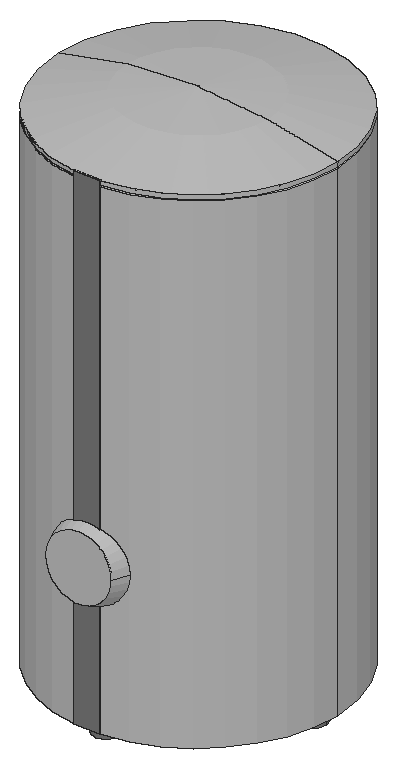
Revit family "VIESSMANN - Vitocell 100-V (CVW.CVWA) 390-500 L", category Wyposażenie mechaniczne, Revit 2017
Family settings
  Wymiar okrągłego złącza = Użyj średnicy
  Typ części = Normalny
  Numer OmniClass = 23.65.35.11.11
  Tytuł OmniClass = Storage Water Heaters
  Oparty na płaszczyźnie roboczej = Nie
  Zawsze pionowo = Tak
  Tnij formami wycięć po wczytaniu = Tak
  Współdzielony = Nie
  Punkt obliczania pomieszczeń = Nie
Parameters (values of type "Zbiornik CVWA 390L")
  Średnica - z izolacją cieplną = 859 mm
  Średnica - bez izolacji cieplnej = 650 mm
  Podział = Średnica z izolacją cieplną  # 859 mm
  Wysokość króćca zimnej wody użytkowej = 88 mm
  Wysokość króćca powrotu wody grzewczej = 330 mm
  Wysokość króćca cwu z zestawu solarnych wymienników ciepła = 572 mm
  Wysokość króćca zasilania wodą grzewczą = 950 mm
  Wysokość króćca cyrkulacji = 1070 mm
  Wysokość króćca cwu = 1439 mm
  Wysokość i izolacją cieplną = 1624 mm
  Szerokość z izolacją cieplną = 923 mm
  Średnica z izolacją cieplną = 859 mm
  Zimna woda użytkowa = 1"  # constant formula
  Zestaw solarnych wymienników ciepła = 3/4"  # constant formula
  Zasilanie wody grzewczej = 1 1/4"  # constant formula
  Wysokość - z izolacją cieplną = 1624 mm
  Wysokość - bez izolacji cieplnej = 1522 mm
  Wymiar przechylenia - bez izolacji cieplnej = 1550 mm
  Wydajność stała (przy podgrzewie cwu z 10 na 60℃ i temperaturze na zasilaniu wodą grzewczą 90℃ = 85000 W
  Wydajność stała (przy podgrzewie cwu z 10 na 60℃ i temperaturze na zasilaniu wodą grzewczą 80℃ = 67000 W
  Wydajność stała (przy podgrzewie cwu z 10 na 60℃ i temperaturze na zasilaniu wodą grzewczą 70℃ = 48000 W
  Wydajność stała (przy podgrzewie cwu z 10 na 45℃ i temperaturze na zasilaniu wodą grzewczą 90℃ = 98000 W
  Wydajność stała (przy podgrzewie cwu z 10 na 45℃ i temperaturze na zasilaniu wodą grzewczą 80℃ = 82000 W
  Wydajność stała (przy podgrzewie cwu z 10 na 45℃ i temperaturze na zasilaniu wodą grzewczą 70℃ = 66000 W
  Wydajność stała (przy podgrzewie cwu z 10 na 45℃ i temperaturze na zasilaniu wodą grzewczą 60℃ = 49000 W
  Wydajność stała (przy podgrzewie cwu z 10 na 45℃ i temperaturze na zasilaniu wodą grzewczą 50℃ = 29000 W
  Wydajność krótkotrwała przy temperaturze na zasilaniu wodą grzewczą 90℃ = "540 L/10min"
  Wydajność krótkotrwała przy temperaturze na zasilaniu wodą grzewczą 80℃ = "521 L/10min"
  Wydajność krótkotrwała przy temperaturze na zasilaniu wodą grzewczą 70℃ = "455 L/10min"
  Współczynnik mocy NL przy temperaturze na zasilaniu wodą grzewczą 90℃ = 12.6
  Współczynnik mocy NL przy temperaturze na zasilaniu wodą grzewczą 80℃ = 11.3
  Współczynnik mocy NL przy temperaturze na zasilaniu wodą grzewczą 70℃ = 10
  Wsp. mocy NL w połączeniu z pompą ciepła - temp. na ładowaniu podgrzewacza cwu 50℃ = 2.8
  Wsp. mocy NL w połączeniu z pompą ciepła - temp. na ładowaniu podgrzewacza cwu 45℃ = 2.5
  Viessmann Kolor 3 = Viessmann Kolor 3
  Viessmann Kolor 2 = Viessmann Kolor 2
  Viessmann Kolor 1 = Viessmann Kolor 1
  URL = "https://www.viessmann-projektant.pl/baza-urzadzen/zbiorniki-buforowe-i-cwu/podgrzewaczededykowanedopompciepla"
  Szerokość - z izolacją cieplną = 923 mm
  Szerokość - bez izolacji cieplnej = 881 mm
  Przepływ po stronie wody użytkowej = 2.422 m³/h
  Przepływ po stronie wody grzewczej = 3.00 m³/h  # constant formula
  Przepływ objętościowy wody grzewczej (przy podgrzewie cwu z 10 na 60℃) przy temperaturze na zasilaniu wodą grzewczą 90℃ = 1.458 m³/h
  Przepływ objętościowy wody grzewczej (przy podgrzewie cwu z 10 na 60℃) przy temperaturze na zasilaniu wodą grzewczą 80℃ = 1.159 m³/h
  Przepływ objętościowy wody grzewczej (przy podgrzewie cwu z 10 na 60℃) przy temperaturze na zasilaniu wodą grzewczą 70℃ = 0.83 m³/h
  Przepływ objętościowy wody grzewczej (przy podgrzewie cwu z 10 na 45℃) przy temperaturze na zasilaniu wodą grzewczą 90℃ = 2.422 m³/h
  Przepływ objętościowy wody grzewczej (przy podgrzewie cwu z 10 na 45℃) przy temperaturze na zasilaniu wodą grzewczą 80℃ = 2.027 m³/h
  Przepływ objętościowy wody grzewczej (przy podgrzewie cwu z 10 na 45℃) przy temperaturze na zasilaniu wodą grzewczą 70℃ = 1.623 m³/h
  Przepływ objętościowy wody grzewczej (przy podgrzewie cwu z 10 na 45℃) przy temperaturze na zasilaniu wodą grzewczą 60℃ = 1.202 m³/h
  Przepływ objętościowy wody grzewczej (przy podgrzewie cwu z 10 na 45℃) przy temperaturze na zasilaniu wodą grzewczą 50℃ = 0.723 m³/h
  Przepływ objętościowy wody grzewczej (dla podanych wydajności stałych) = 3.00 m³/h  # constant formula
  Producent = "Viessmann Sp.z.o.o."  # constant formula
  Powrót wody grzewczej = 1 1/4"  # constant formula
  Powierzchnia grzewcza = 4.0 m²
  Pojemność podgrzewacza = 390.0 L
  Pobierana ilość cwu bez dogrzewu - zawartość podgrzewacza podgrzana o 55°C = 285.0 L
  Pobierana ilość cwu bez dogrzewu - zawartość podgrzewacza podgrzana o 45°C = 285.0 L
  Opory przepływu po stronie wody użytkowej = 300.0 Pa
  Opory przepływu po stronie wody grzewczej = 3500.0 Pa
  Opis indeksowy = "9W173-13MC/E"  # constant formula
  Opis = "Podgrzewacz pojemnościowy"  # constant formula
  Objętość wody grzewczej = 27.0 L
  Objętość brutto = 417.0 L
  Numer identyfikacyjny produktu = "9W173-13MC/E"  # constant formula
  Model = "Podgrzewacz pojemnościowy Viessmann Vitocell 100-V CVWA 390L / Hot water storage tank Viessmann Vitocell 100-V CVWA 390L"
  Masa całkowita z izolacją cieplną = 190.00 kg
  Maks. powierzchnia czynna absorbera możliwa do podłączenia do zestawu solarnych wymienników ciepła - Vitosol-T = 6.0 m²
  Maks. powierzchnia czynna absorbera możliwa do podłączenia do zestawu solarnych wymienników ciepła - Vitosol-F = 11.5 m²
  Maks. możliwa do przyłączenia moc pompy ciepła przy temp. wody na zasilaniu wodą grzewczą wynoszącej 65°C, temp. cwu 55°C oraz podanym przepływie objętościowym wody grzewczej = 15000 W
  Maks. ilość pobierana przy temperaturze na zasilaniu wodą grzewczą 90℃ = "54 L/min"
  Maks. ilość pobierana przy temperaturze na zasilaniu wodą grzewczą 80℃ = "52 L/min"
  Maks. ilość pobierana przy temperaturze na zasilaniu wodą grzewczą 70℃ = "46 L/min"
  Klasa efektywności energetycznej = "B"  # constant formula
  Ilość ciepła dyżurnego = "1.80 kWh/24h"
  Grzałka elektryczna = 1 1/2"  # constant formula
  Czas podgrzewu cwu przy podłączonej pompie ciepła o znamionowej mocy cieplnej 16kW i temp. wody na zasilaniu wodą grzewczą wynoszącej 55 lub 65°C - przy podgrzewie cwu z 10 do 55°C = "76 min"
  Czas podgrzewu cwu przy podłączonej pompie ciepła o znamionowej mocy cieplnej 16kW i temp. wody na zasilaniu wodą grzewczą wynoszącej 55 lub 65°C - przy podgrzewie cwu z 10 do 45°C = "60 min"
  Cyrkulacja = 3/4"  # constant formula
  Ciepła woda użytkowa = 1"  # constant formula
  Autor = "https://www.archispace.pl/"
Types (3, lengths in mm): name | Wysokość króćca zasilania wodą grzewczą | Wysokość króćca cyrkulacji | Wysokość króćca cwu | Wysokość i izolacją cieplną | Wysokość - z izolacją cieplną | Wysokość - bez izolacji cieplnej | Wymiar przechylenia - bez izolacji cieplnej | Wydajność stała (przy podgrzewie cwu z 10 na 60℃ i temperaturze na zasilaniu wodą grzewczą 90℃ | Wydajność stała (przy podgrzewie cwu z 10 na 60℃ i temperaturze na zasilaniu wodą grzewczą 80℃ | Wydajność stała (przy podgrzewie cwu z 10 na 60℃ i temperaturze na zasilaniu wodą grzewczą 70℃ | Wydajność stała (przy podgrzewie cwu z 10 na 45℃ i temperaturze na zasilaniu wodą grzewczą 90℃ | Wydajność stała (przy podgrzewie cwu z 10 na 45℃ i temperaturze na zasilaniu wodą grzewczą 80℃ | Wydajność stała (przy podgrzewie cwu z 10 na 45℃ i temperaturze na zasilaniu wodą grzewczą 70℃ | Wydajność stała (przy podgrzewie cwu z 10 na 45℃ i temperaturze na zasilaniu wodą grzewczą 60℃ | Wydajność stała (przy podgrzewie cwu z 10 na 45℃ i temperaturze na zasilaniu wodą grzewczą 50℃ | Wydajność krótkotrwała przy temperaturze na zasilaniu wodą grzewczą 90℃ | Wydajność krótkotrwała przy temperaturze na zasilaniu wodą grzewczą 80℃ | Wydajność krótkotrwała przy temperaturze na zasilaniu wodą grzewczą 70℃ | Współczynnik mocy NL przy temperaturze na zasilaniu wodą grzewczą 90℃ | Współczynnik mocy NL przy temperaturze na zasilaniu wodą grzewczą 80℃ | Współczynnik mocy NL przy temperaturze na zasilaniu wodą grzewczą 70℃ | Wsp. mocy NL w połączeniu z pompą ciepła - temp. na ładowaniu podgrzewacza cwu 50℃ | Wsp. mocy NL w połączeniu z pompą ciepła - temp. na ładowaniu podgrzewacza cwu 45℃ | Przepływ po stronie wody użytkowej | Przepływ objętościowy wody grzewczej (przy podgrzewie cwu z 10 na 60℃) przy temperaturze na zasilaniu wodą grzewczą 90℃ | Przepływ objętościowy wody grzewczej (przy podgrzewie cwu z 10 na 60℃) przy temperaturze na zasilaniu wodą grzewczą 80℃ | Przepływ objętościowy wody grzewczej (przy podgrzewie cwu z 10 na 60℃) przy temperaturze na zasilaniu wodą grzewczą 70℃ | Przepływ objętościowy wody grzewczej (przy podgrzewie cwu z 10 na 45℃) przy temperaturze na zasilaniu wodą grzewczą 90℃ | Przepływ objętościowy wody grzewczej (przy podgrzewie cwu z 10 na 45℃) przy temperaturze na zasilaniu wodą grzewczą 80℃ | Przepływ objętościowy wody grzewczej (przy podgrzewie cwu z 10 na 45℃) przy temperaturze na zasilaniu wodą grzewczą 70℃ | Przepływ objętościowy wody grzewczej (przy podgrzewie cwu z 10 na 45℃) przy temperaturze na zasilaniu wodą grzewczą 60℃ | Przepływ objętościowy wody grzewczej (przy podgrzewie cwu z 10 na 45℃) przy temperaturze na zasilaniu wodą grzewczą 50℃ | Powierzchnia grzewcza | Pojemność podgrzewacza | Pobierana ilość cwu bez dogrzewu - zawartość podgrzewacza podgrzana o 55°C | Pobierana ilość cwu bez dogrzewu - zawartość podgrzewacza podgrzana o 45°C | Opory przepływu po stronie wody użytkowej | Opory przepływu po stronie wody grzewczej | Objętość wody grzewczej | Objętość brutto | Model | Masa całkowita z izolacją cieplną | Maks. możliwa do przyłączenia moc pompy ciepła przy temp. wody na zasilaniu wodą grzewczą wynoszącej 65°C, temp. cwu 55°C oraz podanym przepływie objętościowym wody grzewczej | Maks. ilość pobierana przy temperaturze na zasilaniu wodą grzewczą 90℃ | Maks. ilość pobierana przy temperaturze na zasilaniu wodą grzewczą 80℃ | Maks. ilość pobierana przy temperaturze na zasilaniu wodą grzewczą 70℃ | Ilość ciepła dyżurnego | Czas podgrzewu cwu przy podłączonej pompie ciepła o znamionowej mocy cieplnej 16kW i temp. wody na zasilaniu wodą grzewczą wynoszącej 55 lub 65°C - przy podgrzewie cwu z 10 do 55°C | Czas podgrzewu cwu przy podłączonej pompie ciepła o znamionowej mocy cieplnej 16kW i temp. wody na zasilaniu wodą grzewczą wynoszącej 55 lub 65°C - przy podgrzewie cwu z 10 do 45°C
  (no name) | 950 | 1070 | 1439 | 1624 | 1624 | 1522 | 1550 | 85000 W | 67000 W | 48000 W | 98000 W | 82000 W | 66000 W | 49000 W | 29000 W | "540 L/10min" | "521 L/10min" | "455 L/10min" | 12.6 | 11.3 | 10 | 2.8 | 2.5 | 2.422 m³/h | 1.458 m³/h | 1.159 m³/h | 0.83 m³/h | 2.422 m³/h | 2.027 m³/h | 1.623 m³/h | 1.202 m³/h | 0.723 m³/h | 4.0 m² | 390.0 L | 285.0 L | 285.0 L | 300.0 Pa | 3500.0 Pa | 27.0 L | 417.0 L | "Podgrzewacz pojemnościowy Viessmann Vitocell 100-V CVWA 390L / Hot water storage tank Viessmann Vitocell 100-V CVWA 390L" | 190.00 kg | 15000 W | "54 L/min" | "52 L/min" | "46 L/min" | "1.80 kWh/24h" | "76 min" | "60 min"
  Zbiornik CVWA 500L | 1250 | 1370 | 1765 | 1948 | 1948 | 1844 | 1860 | 102000 W | 81000 W | 59000 W | 118000 W | 99000 W | 79000 W | 59000 W | 36000 W | "690 L/10min" | "667 L/10min" | "596 L/10min" | 16.5 | 14.9 | 13.3 | 3.9 | 3.5 | 2.896 m³/h | 1.754 m³/h | 1.399 m³/h | 1.008 m³/h | 2.896 m³/h | 2.428 m³/h | 1.95 m³/h | 1.451 m³/h | 0.881 m³/h | 5.5 m² | 500.0 L | 350.0 L | 350.0 L | 6500.0 Pa | 7500.0 Pa | 40.0 L | 540.0 L | "Podgrzewacz pojemnościowy Viessmann Vitocell 100-V CVWA 500L / Hot water storage tank Viessmann Vitocell 100-V CVWA 500L" | 200.00 kg | 17000 W | "69 L/min" | "66 L/min" | "59 L/min" | "1.90 kWh/24h" | "85 min" | "66 min"
  Zbiornik CVWA 390L | 950 | 1070 | 1439 | 1624 | 1624 | 1522 | 1550 | 85000 W | 67000 W | 48000 W | 98000 W | 82000 W | 66000 W | 49000 W | 29000 W | "540 L/10min" | "521 L/10min" | "455 L/10min" | 12.6 | 11.3 | 10 | 2.8 | 2.5 | 2.422 m³/h | 1.458 m³/h | 1.159 m³/h | 0.83 m³/h | 2.422 m³/h | 2.027 m³/h | 1.623 m³/h | 1.202 m³/h | 0.723 m³/h | 4.0 m² | 390.0 L | 285.0 L | 285.0 L | 300.0 Pa | 3500.0 Pa | 27.0 L | 417.0 L | "Podgrzewacz pojemnościowy Viessmann Vitocell 100-V CVWA 390L / Hot water storage tank Viessmann Vitocell 100-V CVWA 390L" | 190.00 kg | 15000 W | "54 L/min" | "52 L/min" | "46 L/min" | "1.80 kWh/24h" | "76 min" | "60 min"
Reference planes
  plane 1 "Środek (Przód/Tył)": y = 0
  plane 2: z = 0
  plane 3 "Środek (Lewa/Prawa)": x = 0
  plane 4: z = 1624
  plane 5: y = 461.5
  plane 6: z = 88
  plane 7: z = 950
  plane 8: z = 330
  plane 9: z = 1070
  plane 10: z = 1439
  plane 11: x = -429.5
  plane 12: x = 429.5
  plane 13: y = 429.5
  plane 14: y = -429.5
  plane 15: z = 572
  plane 16: y = -461.5
  plane 17: z = 1565.163
  plane 18: z = 1556.163
Forms (mm)
  Extrusion 1, solid, material "Viessmann Kolor 3" <- "Viessmann Kolor 3", detail levels medium+fine
    sketch origin (0, 0, 0) x (1, 0, 0) y (0, 1, 0)
      loop
        circle (0, 354.722) r 40
      loop
        circle (0, -354.722) r 40
      loop
        circle (-354.5, 0) r 40
      loop
        circle (354.5, 0) r 40
    from 0 to 16.857
  Extrusion 2, solid, material "Viessmann Kolor 3" <- "Viessmann Kolor 3", detail levels medium+fine
    sketch origin (0, 0, 0) x (1, 0, 0) y (0, 1, 0)
      loop
        circle (0, 354.722) r 20
      loop
        circle (0, -354.722) r 20
      loop
        circle (-354.5, 0) r 20
      loop
        circle (354.5, 0) r 20
    from 16.857 to 37.823
  Revolve 3, solid, material "Viessmann Kolor 2" <- "Viessmann Kolor 2", detail levels medium+fine
    sketch origin (0, 0, 0) x (1, 0, 0) y (0, 0, 1)
      loop
        line (0, 37.823) -> (0, 1624) -> (-1.163, 1624)
        arc (-1.163, 1624) -> (-217.343, 1609.222) -> (-429.5, 1565.163) r 1588.575
        line (-429.5, 1565.163) -> (-429.5, 37.823) -> (0, 37.823)
      axis (0, 37.823) -> (0, 1624)
    angle from 0 to 360
  Sweep 4, solid, material "Viessmann Kolor 2" <- "Viessmann Kolor 2"
    path origin (0, 0, 0) x (0, 1, 0) y (0, 0, 1)
      loop
        line (0, 870) -> (461.5, 870)
    profile origin (0, 230.75, 870) x (0, 0, 1) y (1, 0, 0)
      loop
        circle (-782, 0) r 12.7
      loop
        circle (-540, 0) r 15.875
      loop
        circle (200, 0) r 9.525
      loop
        circle (569, 0) r 12.7
      loop
        circle (80, 0) r 15.875
  Extrusion 5, solid, material "Viessmann Kolor 2" <- "Viessmann Kolor 2"
    sketch origin (0, 0, 0) x (1, 0, 0) y (0, 0, 1)
      loop
        circle (0, 572) r 9.525
    from -461.5 to 0
  Sweep 6, solid, material "Viessmann Kolor 2" <- "Viessmann Kolor 2", detail levels medium+fine
    path origin (0, 0, 0) x (0, 1, 0) y (0, 0, 1)
      loop
        line (451.5, 1439) -> (461.5, 1439)
    profile origin (0, 456.5, 1439) x (0, 0, 1) y (1, 0, 0)
      loop
        line (0, 20) -> (-17.321, 10) -> (-17.321, -10) -> (0, -20) -> (17.321, -10) -> (17.321, 10) -> (0, 20)
      loop
        line (-369, 15) -> (-381.99, 7.5) -> (-381.99, -7.5) -> (-369, -15) -> (-356.01, -7.5) -> (-356.01, 7.5) -> (-369, 15)
      loop
        line (-489, 25) -> (-510.651, 12.5) -> (-510.651, -12.5) -> (-489, -25) -> (-467.349, -12.5) -> (-467.349, 12.5) -> (-489, 25)
      loop
        line (-867, 15) -> (-879.99, 7.5) -> (-879.99, -7.5) -> (-867, -15) -> (-854.01, -7.5) -> (-854.01, 7.5) -> (-867, 15)
      loop
        line (-1109, 25) -> (-1130.651, 12.5) -> (-1130.651, -12.5) -> (-1109, -25) -> (-1087.349, -12.5) -> (-1087.349, 12.5) -> (-1109, 25)
      loop
        line (-1351, 20) -> (-1368.321, 10) -> (-1368.321, -10) -> (-1351, -20) -> (-1333.679, -10) -> (-1333.679, 10) -> (-1351, 20)
  Extrusion 7, void
    sketch origin (0, 0, 0) x (1, 0, 0) y (0, 1, 0)
      loop
        line (40, -424.5) -> (-40, -424.5) -> (-40, -429.5) -> (40, -429.5) -> (40, -424.5)
    from 37.823 to 1565.163
  Extrusion 8, solid, material "Viessmann Kolor 3" <- "Viessmann Kolor 3", detail levels medium+fine
    sketch origin (0, 0, 0) x (1, 0, 0) y (0, 1, 0)
      loop
        line (40, -424.5) -> (-40, -424.5) -> (-40, -429.5) -> (40, -429.5) -> (40, -424.5)
    from 37.823 to 1565.163
  Blend 9, solid, material "Viessmann Kolor 2" <- "Viessmann Kolor 2", detail levels medium+fine
    base sketch origin (0, 0, 0) x (1, 0, 0) y (0, 0, 1)
      loop
        circle (0, 497.631) r 120
    top sketch origin (0, 0, 0) x (1, 0, 0) y (0, 0, 1)
      loop
        circle (0, 497.631) r 100
    from 410.216 to 461.5
  Sweep 10, void
    path origin (0, 0, 0) x (1, 0, 0) y (0, 1, 0)
      loop
        circle (0, 0) r 429.5
    profile origin (0, 429.5, 0) x (0, -1, 0) y (0, 0, 1)
      loop
        line (0, 1553.233) -> (0, 1548.233) -> (35, 1548.233) -> (35, 1553.233) -> (0, 1553.233)
  Extrusion 11, solid, material "Viessmann Kolor 2" <- "Viessmann Kolor 2", detail levels coarse
    sketch origin (0, 0, 0) x (1, 0, 0) y (0, 1, 0)
      loop
        circle (0, 0) r 429.5
    from 0 to 1624
Cuts and joins
  joined: Extrusion 1, Extrusion 2
  Extrusion 7, Sweep 10 cuts Revolve 3
Dimensions and locks
  "Wysokość i izolacją cieplną": plane 4 to level
  level to plane 6 = 88 mm
  level to plane 7 = 950 mm
  level to plane 9 = 1070 mm
  level to plane 10 = 1439 mm
  equal spacing: plane 11, plane 3 "Środek (Lewa/Prawa)", plane 12
  "Podział": plane 11 to plane 12
  equal spacing: plane 13, plane 1 "Środek (Przód/Tył)", plane 14
  "Podział": plane 13 to plane 14
  locked: plane 13 to Extrusion 1 sketch curve at 74.778
  locked: Extrusion 1 sketch curve to plane 14 at 74.778
  locked: plane 11 to Extrusion 1 sketch curve at 75
  locked: Extrusion 1 sketch curve to plane 12 at 75
  locked: plane 13 to Extrusion 2 sketch curve at 74.778
  locked: Extrusion 2 sketch curve to plane 12 at 75
  locked: Extrusion 2 sketch curve to plane 14 at 74.778
  locked: plane 11 to Extrusion 2 sketch curve at 75
  "Wysokość króćca cwu": plane 10 to level
  "Wysokość króćca cyrkulacji": plane 9 to level
  "Wysokość króćca zasilania wodą grzewczą": plane 7 to level
  "Wysokość króćca powrotu wody grzewczej": plane 8 to level
  "Wysokość króćca zimnej wody użytkowej": plane 6 to level
  "Wysokość króćca cwu z zestawu solarnych wymienników ciepła": plane 15 to level
  "Szerokość z izolacją cieplną": plane 5 to plane 16
  equal spacing: plane 5, plane 1 "Środek (Przód/Tył)", plane 16
  locked: Sweep 6 sketch curve to Sweep 6 sketch curve at 10
  locked: Extrusion 7 to Extrusion 7 at 5
  Sweep 10 sketch curve to Sweep 10 sketch curve to cut or joined group of Revolve 3, Extrusion 7, Sweep 10 = 5 mm locked, 11.929 mm locked
  locked: plane 17 to plane 18 at 9
  "Ciepła woda użytkowa": diameter of Sweep 4 sketch curve
  "Cyrkulacja": diameter of Sweep 4 sketch curve
  "Zasilanie wody grzewczej": diameter of Sweep 4 sketch curve
  "Powrót wody grzewczej": diameter of Sweep 4 sketch curve
  "Zimna woda użytkowa": diameter of Sweep 4 sketch curve
  "Zestaw solarnych wymienników ciepła": diameter of Extrusion 5 sketch curve
  "Średnica z izolacją cieplną": diameter of Sweep 10 sketch curve
  "Średnica z izolacją cieplną": diameter of Extrusion 11 sketch curve
  aligned and locked: level to plane 2
  aligned and locked: plane 11 to Revolve 3 sketch curve
  aligned and locked: Revolve 3 sketch curve to plane 4
  aligned and locked: plane 1 "Środek (Przód/Tył)" to Sweep 4 sketch curve
  aligned and locked: plane 5 to Sweep 4 sketch curve
  aligned and locked: plane 10 to Sweep 4 sketch curve
  aligned and locked: plane 3 "Środek (Lewa/Prawa)" to Sweep 4 sketch curve  (x5)
  aligned and locked: plane 9 to Sweep 4 sketch curve
  aligned and locked: plane 8 to Sweep 4 sketch curve
  aligned and locked: plane 6 to Sweep 4 sketch curve
  aligned and locked: plane 7 to Sweep 4 sketch curve
  aligned and locked: plane 3 "Środek (Lewa/Prawa)" to Extrusion 5 sketch curve
  aligned and locked: plane 15 to Extrusion 5 sketch curve
  aligned and locked: plane 5 to Extrusion 5
  aligned and locked: plane 1 "Środek (Przód/Tył)" to Extrusion 5
  aligned and locked: plane 5 to Sweep 6 sketch curve
  aligned and locked: plane 10 to Sweep 6 sketch curve  (x2)
  aligned and locked: plane 9 to Sweep 6 sketch curve  (x2)
  aligned and locked: plane 7 to Sweep 6 sketch curve
  aligned and locked: plane 15 to Sweep 6 sketch curve  (x2)
  aligned and locked: plane 8 to Sweep 6 sketch curve  (x2)
  aligned and locked: plane 6 to Sweep 6 sketch curve  (x2)
  aligned and locked: Extrusion 7 sketch curve to plane 14
  aligned and locked: Extrusion 7 to cut or joined group of Extrusion 1, Extrusion 2
  aligned and locked: Extrusion 7 to Extrusion 8 sketch curve  (x3)
  aligned and locked: Extrusion 8 sketch curve to Extrusion 7
  aligned and locked: Extrusion 8 to Extrusion 7
  aligned and locked: Extrusion 8 to cut or joined group of Extrusion 1, Extrusion 2
  aligned and locked: Blend 9 to plane 16
  aligned and locked: plane 3 "Środek (Lewa/Prawa)" to Sweep 10 sketch curve
  aligned and locked: plane 1 "Środek (Przód/Tył)" to Sweep 10 sketch curve
  aligned and locked: plane 3 "Środek (Lewa/Prawa)" to Extrusion 11 sketch curve
  aligned and locked: plane 1 "Środek (Przód/Tył)" to Extrusion 11 sketch curve
  aligned and locked: plane 4 to Extrusion 11
  aligned and locked: plane 17 to Extrusion 8
Automatic sketch dimensions
  Extrusion 1 sketch curve to plane 3 "Środek (Lewa/Prawa)" = 0 mm  (x2)
  plane 1 "Środek (Przód/Tył)" to Extrusion 1 sketch curve = 0 mm  (x2)
  plane 1 "Środek (Przód/Tył)" to Extrusion 2 sketch curve = 0 mm  (x2)
  Extrusion 2 sketch curve to plane 3 "Środek (Lewa/Prawa)" = 0 mm  (x2)
  Revolve 3 sketch curve to plane 3 "Środek (Lewa/Prawa)" = 0 mm  (x2)
  Revolve 3 sketch curve to plane 4 = 0 mm
  Revolve 3 sketch curve to Revolve 3 sketch curve = 1.163 mm
  level to Revolve 3 sketch curve = 37.823 mm
  Revolve 3 sketch curve to Revolve 3 sketch curve = 2.397 mm
  Revolve 3 sketch curve to Revolve 3 sketch curve = 0 mm
  Sweep 4 sketch curve to plane 7 = 80 mm
  Sweep 6 sketch curve to plane 10 = 0 mm
  profile plane to Sweep 6 sketch curve = 17.321 mm
  Sweep 6 sketch curve to profile plane = 17.321 mm
  Sweep 6 sketch curve to plane 3 "Środek (Lewa/Prawa)" = 20 mm  (x2)
  Sweep 6 sketch curve to plane 3 "Środek (Lewa/Prawa)" = 10 mm  (x4)
  plane 3 "Środek (Lewa/Prawa)" to Sweep 6 sketch curve = 10 mm  (x4)
  Sweep 6 sketch curve to Sweep 6 sketch curve = 10 mm  (x2)
  Sweep 6 sketch curve to plane 3 "Środek (Lewa/Prawa)" = 15 mm  (x2)
  plane 3 "Środek (Lewa/Prawa)" to Sweep 6 sketch curve = 7.5 mm  (x4)
  Sweep 6 sketch curve to Sweep 6 sketch curve = 12.99 mm  (x4)
  Sweep 6 sketch curve to plane 3 "Środek (Lewa/Prawa)" = 7.5 mm  (x4)
  Sweep 6 sketch curve to Sweep 6 sketch curve = 7.5 mm
  Sweep 6 sketch curve to plane 3 "Środek (Lewa/Prawa)" = 25 mm  (x2)
  Sweep 6 sketch curve to Sweep 6 sketch curve = 0 mm
  Sweep 6 sketch curve to plane 3 "Środek (Lewa/Prawa)" = 12.5 mm  (x4)
  Sweep 6 sketch curve to Sweep 6 sketch curve = 21.651 mm  (x4)
  plane 3 "Środek (Lewa/Prawa)" to Sweep 6 sketch curve = 12.5 mm  (x4)
  Sweep 6 sketch curve to Sweep 6 sketch curve = 12.5 mm  (x2)
  plane 3 "Środek (Lewa/Prawa)" to Sweep 6 sketch curve = 15 mm
  Sweep 6 sketch curve to Sweep 6 sketch curve = 17.321 mm  (x2)
  plane 14 to Extrusion 7 sketch curve = 5 mm
  Extrusion 7 sketch curve to plane 3 "Środek (Lewa/Prawa)" = 40 mm
  plane 3 "Środek (Lewa/Prawa)" to Extrusion 7 sketch curve = 40 mm
  Blend 9 sketch curve to plane 3 "Środek (Lewa/Prawa)" = 0 mm  (x2)
  Blend 9 sketch curve to plane 15 = 74.369 mm  (x2)
  Sweep 10 sketch curve to profile plane = 0 mm
  Sweep 10 sketch curve to profile plane = 35 mm
  radius of Extrusion 1 sketch curve = 40 mm  (x4)
  radius of Extrusion 2 sketch curve = 20 mm  (x4)
  radius of Blend 9 sketch curve = 120 mm
  radius of Blend 9 sketch curve = 100 mm
Connectors
  piping at (0, 461.5, 1439), diameter 25.4, driven by "Ciepła woda użytkowa", driven by "Przepływ po stronie wody użytkowej", driven by "Opory przepływu po stronie wody użytkowej"
    settings: on cut or joined group of Revolve 3, Extrusion 7, Sweep 10, index 1, connector inside diameter 24", connector length 0 mm, flow factor 0, pipe flow 2.422 m³/h, pressure drop 300.0 Pa, fitting loss kfactor 0, connector angle 0.00°, fixture units 0, engagement length 0 mm, angle of deflection 0.00°, flow configuration 0, flow direction 2, fitting loss method 4, system type 19, joint type 0, gender type 0, connector reference index -1, connector utility 0, adjustable connector no, is connector primary yes, connector description ""
  piping at (0, 461.5, 1070), diameter 19.05, driven by "Cyrkulacja"
    settings: on cut or joined group of Revolve 3, Extrusion 7, Sweep 10, index 2, connector inside diameter 24", connector length 0 mm, flow factor 0, pipe flow 0.00 m³/h, pressure drop 0.0 Pa, fitting loss kfactor 0, connector angle 0.00°, fixture units 0, engagement length 0 mm, angle of deflection 0.00°, flow configuration 0, flow direction 0, fitting loss method 2, system type 7, joint type 0, gender type 0, connector reference index -1, connector utility 0, adjustable connector no, is connector primary no, connector description ""
  piping at (0, 461.5, 950), diameter 31.75, driven by "Zasilanie wody grzewczej", driven by "Przepływ po stronie wody grzewczej", driven by "Opory przepływu po stronie wody grzewczej"
    settings: on cut or joined group of Revolve 3, Extrusion 7, Sweep 10, index 3, connector inside diameter 24", connector length 0 mm, flow factor 0, pipe flow 3.00 m³/h, pressure drop 3500.0 Pa, fitting loss kfactor 0, connector angle 0.00°, fixture units 0, engagement length 0 mm, angle of deflection 0.00°, flow configuration 0, flow direction 2, fitting loss method 4, system type 7, joint type 0, gender type 0, connector reference index -1, connector utility 0, adjustable connector no, is connector primary no, connector description ""
  piping at (0, 461.5, 572), diameter 19.05, driven by "Zestaw solarnych wymienników ciepła", driven by "Przepływ po stronie wody użytkowej", driven by "Opory przepływu po stronie wody użytkowej"
    settings: on cut or joined group of Revolve 3, Extrusion 7, Sweep 10, index 4, connector inside diameter 24", connector length 0 mm, flow factor 0, pipe flow 2.422 m³/h, pressure drop 300.0 Pa, fitting loss kfactor 0, connector angle 0.00°, fixture units 0, engagement length 0 mm, angle of deflection 0.00°, flow configuration 0, flow direction 2, fitting loss method 4, system type 19, joint type 0, gender type 0, connector reference index -1, connector utility 0, adjustable connector no, is connector primary no, connector description ""
  piping at (0, 461.5, 330), diameter 31.75, driven by "Powrót wody grzewczej", driven by "Przepływ po stronie wody grzewczej", driven by "Opory przepływu po stronie wody grzewczej"
    settings: on cut or joined group of Revolve 3, Extrusion 7, Sweep 10, index 5, connector inside diameter 24", connector length 0 mm, flow factor 0, pipe flow 3.00 m³/h, pressure drop 3500.0 Pa, fitting loss kfactor 0, connector angle 0.00°, fixture units 0, engagement length 0 mm, angle of deflection 0.00°, flow configuration 0, flow direction 1, fitting loss method 4, system type 8, joint type 0, gender type 0, connector reference index -1, connector utility 0, adjustable connector no, is connector primary no, connector description ""
  piping at (0, 461.5, 88), diameter 25.4, driven by "Zimna woda użytkowa", driven by "Przepływ po stronie wody użytkowej", driven by "Opory przepływu po stronie wody użytkowej"
    settings: on cut or joined group of Revolve 3, Extrusion 7, Sweep 10, index 6, connector inside diameter 24", connector length 0 mm, flow factor 0, pipe flow 2.422 m³/h, pressure drop 300.0 Pa, fitting loss kfactor 0, connector angle 0.00°, fixture units 0, engagement length 0 mm, angle of deflection 0.00°, flow configuration 0, flow direction 2, fitting loss method 4, system type 20, joint type 0, gender type 0, connector reference index -1, connector utility 0, adjustable connector no, is connector primary no, connector description ""
